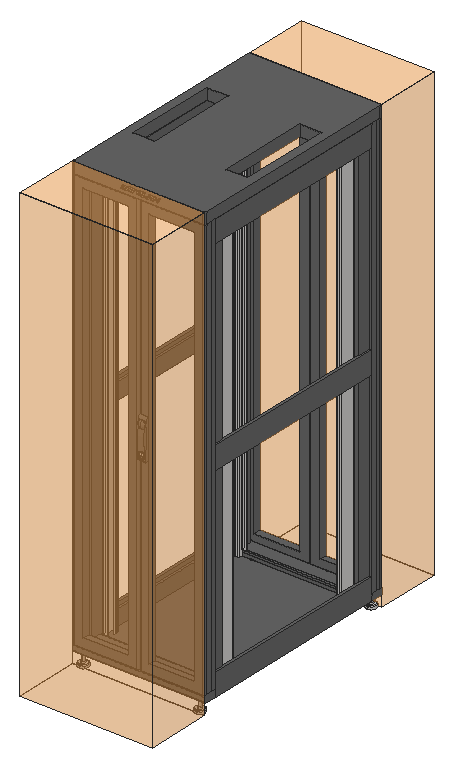
Revit family "Eurolan_Шкафы Rackcenter D9000", category Электрооборудование, Revit 2019 (continued)
Definition of nested family "in_Дверь_перфорированная_двойная"
  Definition of nested family "in_Дверь_Соты_600"
    Lines and regions (mm)
      model lines, visible <- "соты_600_1уровень"
        curve 23: line (-35, -300, 27.99) -> (-35, -300, 19.33)
        curve 24: line (-42.5, -300, 15) -> (-35, -300, 19.33)
        curve 25: line (-58.5, -300, 32.32) -> (-66, -300, 27.99)
        curve 26: line (-66, -300, 27.99) -> (-66, -300, 19.33)
        curve 27: line (-58.5, -300, 15) -> (-66, -300, 19.33)
        curve 28: line (-58.5, -300, 32.32) -> (-51.5, -300, 28.279)
        curve 29: line (-51, -300, 29.145) -> (-51, -300, 19.33)
        curve 30: line (-58.5, -300, 15) -> (-51, -300, 19.33)
        curve 31: line (-74.5, -300, 32.32) -> (-82, -300, 27.99)
        curve 32: line (-82, -300, 27.99) -> (-82, -300, 19.33)
        curve 33: line (-74.5, -300, 15) -> (-82, -300, 19.33)
        curve 34: line (-74.5, -300, 32.32) -> (-67.5, -300, 28.279)
        curve 35: line (-67, -300, 29.145) -> (-67, -300, 19.33)
        curve 36: line (-74.5, -300, 15) -> (-67, -300, 19.33)
        curve 37: line (-90.5, -300, 32.32) -> (-98, -300, 27.99)
        curve 38: line (-98, -300, 27.99) -> (-98, -300, 19.908)
        curve 39: line (-90.5, -300, 15) -> (-99, -300, 19.908)
        curve 40: line (-90.5, -300, 32.32) -> (-83.5, -300, 28.279)
        curve 41: line (-83, -300, 29.145) -> (-83, -300, 19.33)
        curve 42: line (-90.5, -300, 15) -> (-83, -300, 19.33)
        curve 43: line (-106.5, -300, 32.32) -> (-113.499, -300, 28.279)
        curve 44: line (-114, -300, 29.145) -> (-114, -300, 19.33)
        curve 45: line (-106.5, -300, 15) -> (-114, -300, 19.33)
        curve 46: line (-106.5, -300, 32.32) -> (-99.5, -300, 28.279)
        curve 47: line (-99, -300, 29.145) -> (-99, -300, 19.908)
        curve 48: line (-106.5, -300, 15) -> (-98, -300, 19.908)
        curve 49: line (-122.5, -300, 32.32) -> (-130, -300, 27.99)
        curve 50: line (-130, -300, 27.99) -> (-130, -300, 19.33)
        curve 51: line (-122.5, -300, 15) -> (-130, -300, 19.33)
        curve 52: line (-122.5, -300, 32.32) -> (-115, -300, 27.99)
        curve 53: line (-115, -300, 27.99) -> (-115, -300, 19.33)
        curve 54: line (-122.5, -300, 15) -> (-115, -300, 19.33)
        curve 55: line (-138.5, -300, 32.32) -> (-146, -300, 27.99)
        curve 56: line (-146, -300, 27.99) -> (-146, -300, 19.908)
        curve 57: line (-138.5, -300, 15) -> (-147, -300, 19.908)
        curve 58: line (-138.5, -300, 32.32) -> (-131.5, -300, 28.279)
        curve 59: line (-131, -300, 29.145) -> (-131, -300, 19.33)
        curve 60: line (-138.5, -300, 15) -> (-131, -300, 19.33)
        curve 61: line (-154.5, -300, 32.32) -> (-161.499, -300, 28.279)
        curve 62: line (-162, -300, 29.145) -> (-162, -300, 19.908)
        curve 63: line (-154.5, -300, 15) -> (-163, -300, 19.908)
        curve 64: line (-154.5, -300, 32.32) -> (-147.5, -300, 28.279)
        curve 65: line (-147, -300, 29.145) -> (-147, -300, 19.908)
        curve 66: line (-154.5, -300, 15) -> (-146, -300, 19.908)
        curve 67: line (-170.5, -300, 32.32) -> (-177.499, -300, 28.279)
        curve 68: line (-178, -300, 29.145) -> (-178, -300, 19.908)
        curve 69: line (-170.5, -300, 15) -> (-179, -300, 19.908)
        curve 70: line (-170.5, -300, 32.32) -> (-163, -300, 27.99)
        curve 71: line (-163, -300, 27.99) -> (-163, -300, 19.908)
        curve 72: line (-170.5, -300, 15) -> (-162, -300, 19.908)
        curve 73: line (-186.5, -300, 32.32) -> (-193.499, -300, 28.279)
        curve 74: line (-194, -300, 29.145) -> (-194, -300, 19.908)
        curve 75: line (-186.5, -300, 15) -> (-195, -300, 19.908)
        curve 76: line (-186.5, -300, 32.32) -> (-179, -300, 27.99)
        curve 77: line (-179, -300, 27.99) -> (-179, -300, 19.908)
        curve 78: line (-186.5, -300, 15) -> (-178, -300, 19.908)
        curve 79: line (-202.5, -300, 32.32) -> (-209.499, -300, 28.279)
        curve 80: line (-210, -300, 29.145) -> (-210, -300, 19.908)
        curve 81: line (-202.5, -300, 15) -> (-211, -300, 19.908)
        curve 82: line (-202.5, -300, 32.32) -> (-195, -300, 27.99)
        curve 83: line (-195, -300, 27.99) -> (-195, -300, 19.908)
        curve 84: line (-202.5, -300, 15) -> (-194, -300, 19.908)
        curve 85: line (-218.5, -300, 32.32) -> (-226, -300, 27.99)
        curve 86: line (-226, -300, 27.99) -> (-226, -300, 19.33)
        curve 87: line (-218.5, -300, 15) -> (-226, -300, 19.33)
        curve 88: line (-218.5, -300, 32.32) -> (-211, -300, 27.99)
        curve 89: line (-211, -300, 27.99) -> (-211, -300, 19.908)
        curve 90: line (-218.5, -300, 15) -> (-210, -300, 19.908)
        curve 247: line (-58.5, -335, 32.32) -> (-66, -335, 27.99)
        curve 248: line (-66, -335, 27.99) -> (-66, -335, 19.33)
        curve 249: line (-58.5, -335, 15) -> (-66, -335, 19.33)
        curve 250: line (-58.5, -335, 32.32) -> (-51, -335, 27.99)
        curve 251: line (-51, -335, 27.99) -> (-51, -335, 19.33)
        curve 252: line (-58.5, -335, 15) -> (-51, -335, 19.33)
        curve 253: line (-74.5, -335, 32.32) -> (-82, -335, 27.99)
        curve 254: line (-82, -335, 27.99) -> (-82, -335, 19.33)
        curve 255: line (-74.5, -335, 15) -> (-82, -335, 19.33)
        curve 256: line (-74.5, -335, 32.32) -> (-67, -335, 27.99)
        curve 257: line (-67, -335, 27.99) -> (-67, -335, 19.33)
        curve 258: line (-74.5, -335, 15) -> (-67, -335, 19.33)
        curve 259: line (-90.5, -335, 32.32) -> (-98, -335, 27.99)
        curve 260: line (-98, -335, 27.99) -> (-98, -335, 19.33)
        curve 261: line (-90.5, -335, 15) -> (-98, -335, 19.33)
        curve 262: line (-90.5, -335, 32.32) -> (-83, -335, 27.99)
        curve 263: line (-83, -335, 27.99) -> (-83, -335, 19.33)
        curve 264: line (-90.5, -335, 15) -> (-83, -335, 19.33)
        curve 265: line (-106.5, -335, 32.32) -> (-114, -335, 27.99)
        curve 266: line (-114, -335, 27.99) -> (-114, -335, 19.33)
        curve 267: line (-106.5, -335, 15) -> (-114, -335, 19.33)
        curve 268: line (-106.5, -335, 32.32) -> (-99, -335, 27.99)
        curve 269: line (-99, -335, 27.99) -> (-99, -335, 19.33)
        curve 270: line (-106.5, -335, 15) -> (-99, -335, 19.33)
        curve 271: line (-122.5, -335, 32.32) -> (-130, -335, 27.99)
        curve 272: line (-130, -335, 27.99) -> (-130, -335, 19.33)
        curve 273: line (-122.5, -335, 15) -> (-130, -335, 19.33)
        curve 274: line (-122.5, -335, 32.32) -> (-115, -335, 27.99)
        curve 275: line (-115, -335, 27.99) -> (-115, -335, 19.33)
        curve 276: line (-122.5, -335, 15) -> (-115, -335, 19.33)
        curve 277: line (-138.5, -335, 32.32) -> (-146, -335, 27.99)
        curve 278: line (-146, -335, 27.99) -> (-146, -335, 19.33)
        curve 279: line (-138.5, -335, 15) -> (-146, -335, 19.33)
        curve 280: line (-138.5, -335, 32.32) -> (-131, -335, 27.99)
        curve 281: line (-131, -335, 27.99) -> (-131, -335, 19.33)
        curve 282: line (-138.5, -335, 15) -> (-131, -335, 19.33)
        curve 283: line (-154.5, -335, 32.32) -> (-162, -335, 27.99)
        curve 284: line (-162, -335, 27.99) -> (-162, -335, 19.33)
        curve 285: line (-154.5, -335, 15) -> (-162, -335, 19.33)
        curve 286: line (-154.5, -335, 32.32) -> (-147, -335, 27.99)
        curve 287: line (-147, -335, 27.99) -> (-147, -335, 19.33)
        curve 288: line (-154.5, -335, 15) -> (-147, -335, 19.33)
        curve 289: line (-170.5, -335, 32.32) -> (-178, -335, 27.99)
        curve 290: line (-178, -335, 27.99) -> (-178, -335, 19.33)
        curve 291: line (-170.5, -335, 15) -> (-178, -335, 19.33)
        curve 292: line (-170.5, -335, 32.32) -> (-163, -335, 27.99)
        curve 293: line (-163, -335, 27.99) -> (-163, -335, 19.33)
        curve 294: line (-170.5, -335, 15) -> (-163, -335, 19.33)
        curve 295: line (-186.5, -335, 32.32) -> (-194, -335, 27.99)
        curve 296: line (-194, -335, 27.99) -> (-194, -335, 19.33)
        curve 297: line (-186.5, -335, 15) -> (-194, -335, 19.33)
        curve 298: line (-186.5, -335, 32.32) -> (-179, -335, 27.99)
        curve 299: line (-179, -335, 27.99) -> (-179, -335, 19.33)
        curve 300: line (-186.5, -335, 15) -> (-179, -335, 19.33)
        curve 301: line (-202.5, -335, 32.32) -> (-210, -335, 27.99)
        curve 302: line (-210, -335, 27.99) -> (-210, -335, 19.33)
        curve 303: line (-202.5, -335, 15) -> (-210, -335, 19.33)
        curve 304: line (-202.5, -335, 32.32) -> (-195, -335, 27.99)
        curve 305: line (-195, -335, 27.99) -> (-195, -335, 19.33)
        curve 306: line (-202.5, -335, 15) -> (-195, -335, 19.33)
        curve 307: line (-218.5, -335, 32.32) -> (-226, -335, 27.99)
        curve 308: line (-226, -335, 27.99) -> (-226, -335, 19.33)
        curve 309: line (-218.5, -335, 15) -> (-226, -335, 19.33)
        curve 310: line (-218.5, -335, 32.32) -> (-211, -335, 27.99)
        curve 311: line (-211, -335, 27.99) -> (-211, -335, 19.33)
        curve 312: line (-218.5, -335, 15) -> (-211, -335, 19.33)
        curve 439: line (-234.5, -335, 32.32) -> (-242, -335, 27.99)
        curve 440: line (-242, -335, 27.99) -> (-242, -335, 19.33)
        curve 441: line (-234.5, -335, 15) -> (-242, -335, 19.33)
        curve 442: line (-234.5, -335, 32.32) -> (-227, -335, 27.99)
        curve 443: line (-227, -335, 27.99) -> (-227, -335, 19.33)
        curve 444: line (-234.5, -335, 15) -> (-227, -335, 19.33)
        curve 469: line (-250.5, -335, 32.32) -> (-258, -335, 27.99)
        curve 470: line (-258, -335, 27.99) -> (-258, -335, 19.33)
        curve 471: line (-250.5, -335, 15) -> (-258, -335, 19.33)
        curve 472: line (-250.5, -335, 32.32) -> (-243, -335, 27.99)
        curve 473: line (-243, -335, 27.99) -> (-243, -335, 19.33)
        curve 474: line (-250.5, -335, 15) -> (-243, -335, 19.33)
        curve 475: line (-54, -400, 17.32) -> (-61.5, -400, 12.99)
        curve 476: line (-61.5, -400, 12.99) -> (-61.5, -400, 4.33)
        curve 477: line (-54, -400, 0) -> (-61.5, -400, 4.33)
        curve 478: line (-54, -400, 17.32) -> (-46.5, -400, 12.99)
        curve 479: line (-46.5, -400, 12.99) -> (-46.5, -400, 4.33)
        curve 480: line (-54, -400, 0) -> (-46.5, -400, 4.33)
        curve 481: line (-70, -400, 17.32) -> (-77.5, -400, 12.99)
        curve 482: line (-77.5, -400, 12.99) -> (-77.5, -400, 4.33)
        curve 483: line (-70, -400, 0) -> (-77.5, -400, 4.33)
        curve 484: line (-70, -400, 17.32) -> (-62.5, -400, 12.99)
        curve 485: line (-62.5, -400, 12.99) -> (-62.5, -400, 4.33)
        curve 486: line (-70, -400, 0) -> (-62.5, -400, 4.33)
        curve 487: line (-86, -400, 17.32) -> (-93.5, -400, 12.99)
        curve 488: line (-93.5, -400, 12.99) -> (-93.5, -400, 4.33)
        curve 489: line (-86, -400, 0) -> (-93.5, -400, 4.33)
        curve 490: line (-86, -400, 17.32) -> (-78.5, -400, 12.99)
        curve 491: line (-78.5, -400, 12.99) -> (-78.5, -400, 4.33)
        curve 492: line (-86, -400, 0) -> (-78.5, -400, 4.33)
        curve 493: line (-102, -400, 17.32) -> (-109.5, -400, 12.99)
        curve 494: line (-109.5, -400, 12.99) -> (-109.5, -400, 4.33)
        curve 495: line (-102, -400, 0) -> (-109.5, -400, 4.33)
        curve 496: line (-102, -400, 17.32) -> (-94.5, -400, 12.99)
        curve 497: line (-94.5, -400, 12.99) -> (-94.5, -400, 4.33)
        curve 498: line (-102, -400, 0) -> (-94.5, -400, 4.33)
        curve 499: line (-118, -400, 17.32) -> (-125.5, -400, 12.99)
        curve 500: line (-125.5, -400, 12.99) -> (-125.5, -400, 4.33)
        curve 501: line (-118, -400, 0) -> (-125.5, -400, 4.33)
        curve 502: line (-118, -400, 17.32) -> (-110.5, -400, 12.99)
        curve 503: line (-110.5, -400, 12.99) -> (-110.5, -400, 4.33)
        curve 504: line (-118, -400, 0) -> (-110.5, -400, 4.33)
        curve 505: line (-134, -400, 17.32) -> (-141.5, -400, 12.99)
        curve 506: line (-141.5, -400, 12.99) -> (-141.5, -400, 4.33)
        curve 507: line (-134, -400, 0) -> (-141.5, -400, 4.33)
        curve 508: line (-134, -400, 17.32) -> (-126.5, -400, 12.99)
        curve 509: line (-126.5, -400, 12.99) -> (-126.5, -400, 4.33)
        curve 510: line (-134, -400, 0) -> (-126.5, -400, 4.33)
        curve 511: line (-150, -400, 17.32) -> (-157.5, -400, 12.99)
        curve 512: line (-157.5, -400, 12.99) -> (-157.5, -400, 4.33)
        curve 513: line (-150, -400, 0) -> (-157.5, -400, 4.33)
        curve 514: line (-150, -400, 17.32) -> (-142.5, -400, 12.99)
        curve 515: line (-142.5, -400, 12.99) -> (-142.5, -400, 4.33)
        curve 516: line (-150, -400, 0) -> (-142.5, -400, 4.33)
        curve 517: line (-166, -400, 17.32) -> (-173.5, -400, 12.99)
        curve 518: line (-173.5, -400, 12.99) -> (-173.5, -400, 4.33)
        curve 519: line (-166, -400, 0) -> (-173.5, -400, 4.33)
        curve 520: line (-166, -400, 17.32) -> (-158.5, -400, 12.99)
        curve 521: line (-158.5, -400, 12.99) -> (-158.5, -400, 4.33)
        curve 522: line (-166, -400, 0) -> (-158.5, -400, 4.33)
        curve 523: line (-182, -400, 17.32) -> (-189.5, -400, 12.99)
        curve 524: line (-189.5, -400, 12.99) -> (-189.5, -400, 4.33)
        curve 525: line (-182, -400, 0) -> (-189.5, -400, 4.33)
        curve 526: line (-182, -400, 17.32) -> (-174.5, -400, 12.99)
        curve 527: line (-174.5, -400, 12.99) -> (-174.5, -400, 4.33)
        curve 528: line (-182, -400, 0) -> (-174.5, -400, 4.33)
        curve 529: line (-198, -400, 17.32) -> (-205.5, -400, 12.99)
        curve 530: line (-205.5, -400, 12.99) -> (-205.5, -400, 4.33)
        curve 531: line (-198, -400, 0) -> (-205.5, -400, 4.33)
        curve 532: line (-198, -400, 17.32) -> (-190.5, -400, 12.99)
        curve 533: line (-190.5, -400, 12.99) -> (-190.5, -400, 4.33)
        curve 534: line (-198, -400, 0) -> (-190.5, -400, 4.33)
        curve 535: line (-214, -400, 17.32) -> (-221.5, -400, 12.99)
        curve 536: line (-221.5, -400, 12.99) -> (-221.5, -400, 4.33)
        curve 537: line (-214, -400, 0) -> (-221.5, -400, 4.33)
        curve 538: line (-214, -400, 17.32) -> (-206.5, -400, 12.99)
        curve 539: line (-206.5, -400, 12.99) -> (-206.5, -400, 4.33)
        curve 540: line (-214, -400, 0) -> (-206.5, -400, 4.33)
        curve 667: line (-230, -400, 17.32) -> (-237.5, -400, 12.99)
        curve 668: line (-237.5, -400, 12.99) -> (-237.5, -400, 4.33)
        curve 669: line (-230, -400, 0) -> (-237.5, -400, 4.33)
        curve 670: line (-230, -400, 17.32) -> (-222.5, -400, 12.99)
        curve 671: line (-222.5, -400, 12.99) -> (-222.5, -400, 4.33)
        curve 672: line (-230, -400, 0) -> (-222.5, -400, 4.33)
        curve 697: line (-246, -400, 17.32) -> (-253.5, -400, 12.99)
        curve 698: line (-253.5, -400, 12.99) -> (-253.5, -400, 4.33)
        curve 699: line (-246, -400, 0) -> (-253.5, -400, 4.33)
        curve 700: line (-246, -400, 17.32) -> (-238.5, -400, 12.99)
        curve 701: line (-238.5, -400, 12.99) -> (-238.5, -400, 4.33)
        curve 702: line (-246, -400, 0) -> (-238.5, -400, 4.33)
      model lines, visible <- "соты_600_массив"
        curve 13: line (-18.5, -300, 46.176) -> (-26, -300, 41.846)
        curve 14: line (-26, -300, 41.846) -> (-26, -300, 33.186)
        curve 15: line (-18.5, -300, 28.856) -> (-26, -300, 33.186)
        curve 16: line (-18.5, -300, 46.176) -> (-11, -300, 41.846)
        curve 17: line (-11, -300, 41.846) -> (-11, -300, 33.186)
        curve 18: line (-18.5, -300, 28.856) -> (-11, -300, 33.186)
        curve 91: line (-10.5, -300, 60.033) -> (-18, -300, 55.703)
        curve 92: line (-18, -300, 55.703) -> (-18, -300, 47.043)
        curve 93: line (-10.5, -300, 42.713) -> (-18, -300, 47.043)
        curve 94: line (-10.5, -300, 60.033) -> (-3, -300, 55.703)
        curve 95: line (-3, -300, 55.703) -> (-3, -300, 47.043)
        curve 96: line (-10.5, -300, 42.713) -> (-3, -300, 47.043)
        curve 97: line (-34.5, -300, 46.176) -> (-42, -300, 41.846)
        curve 98: line (-42, -300, 41.846) -> (-42, -300, 33.186)
        curve 99: line (-34.5, -300, 28.856) -> (-42, -300, 33.186)
        curve 100: line (-34.5, -300, 46.176) -> (-27, -300, 41.846)
        curve 101: line (-27, -300, 41.846) -> (-27, -300, 33.186)
        curve 102: line (-34.5, -300, 28.856) -> (-27, -300, 33.186)
        curve 103: line (-26.5, -300, 60.033) -> (-34, -300, 55.703)
        curve 104: line (-34, -300, 55.703) -> (-34, -300, 47.043)
        curve 105: line (-26.5, -300, 42.713) -> (-34, -300, 47.043)
        curve 106: line (-26.5, -300, 60.033) -> (-19, -300, 55.703)
        curve 107: line (-19, -300, 55.703) -> (-19, -300, 47.043)
        curve 108: line (-26.5, -300, 42.713) -> (-19, -300, 47.043)
        curve 109: line (-50.5, -300, 46.176) -> (-58, -300, 41.846)
        curve 110: line (-58, -300, 41.846) -> (-58, -300, 33.186)
        curve 111: line (-51, -300, 29.145) -> (-58, -300, 33.186)
        curve 112: line (-50.5, -300, 46.176) -> (-43, -300, 41.846)
        curve 113: line (-43, -300, 41.846) -> (-43, -300, 33.186)
        curve 114: line (-51.5, -300, 28.279) -> (-43, -300, 33.186)
        curve 115: line (-42.5, -300, 60.033) -> (-50, -300, 55.703)
        curve 116: line (-50, -300, 55.703) -> (-50, -300, 47.043)
        curve 117: line (-42.5, -300, 42.713) -> (-50, -300, 47.043)
        curve 118: line (-42.5, -300, 60.033) -> (-35, -300, 55.703)
        curve 119: line (-35, -300, 55.703) -> (-35, -300, 47.043)
        curve 120: line (-42.5, -300, 42.713) -> (-35, -300, 47.043)
        curve 121: line (-66.5, -300, 46.176) -> (-74, -300, 41.846)
        curve 122: line (-74, -300, 41.846) -> (-74, -300, 33.186)
        curve 123: line (-67, -300, 29.145) -> (-74, -300, 33.186)
        curve 124: line (-66.5, -300, 46.176) -> (-59, -300, 41.846)
        curve 125: line (-59, -300, 41.846) -> (-59, -300, 33.186)
        curve 126: line (-67.5, -300, 28.279) -> (-59, -300, 33.186)
        curve 127: line (-58.5, -300, 60.033) -> (-66, -300, 55.703)
        curve 128: line (-66, -300, 55.703) -> (-66, -300, 47.043)
        curve 129: line (-58.5, -300, 42.713) -> (-66, -300, 47.043)
        curve 130: line (-58.5, -300, 60.033) -> (-51, -300, 55.703)
        curve 131: line (-51, -300, 55.703) -> (-51, -300, 47.043)
        curve 132: line (-58.5, -300, 42.713) -> (-51, -300, 47.043)
        curve 133: line (-82.5, -300, 46.176) -> (-90, -300, 41.846)
        curve 134: line (-90, -300, 41.846) -> (-90, -300, 33.186)
        curve 135: line (-83, -300, 29.145) -> (-90, -300, 33.186)
        curve 136: line (-82.5, -300, 46.176) -> (-75, -300, 41.846)
        curve 137: line (-75, -300, 41.846) -> (-75, -300, 33.186)
        curve 138: line (-83.5, -300, 28.279) -> (-75, -300, 33.186)
        curve 139: line (-74.5, -300, 60.033) -> (-82, -300, 55.703)
        curve 140: line (-82, -300, 55.703) -> (-82, -300, 47.043)
        curve 141: line (-74.5, -300, 42.713) -> (-82, -300, 47.043)
        curve 142: line (-74.5, -300, 60.033) -> (-67, -300, 55.703)
        curve 143: line (-67, -300, 55.703) -> (-67, -300, 47.043)
        curve 144: line (-74.5, -300, 42.713) -> (-67, -300, 47.043)
        curve 145: line (-98.5, -300, 46.176) -> (-106, -300, 41.846)
        curve 146: line (-106, -300, 41.846) -> (-106, -300, 33.186)
        curve 147: line (-99, -300, 29.145) -> (-106, -300, 33.186)
        curve 148: line (-98.5, -300, 46.176) -> (-91, -300, 41.846)
        curve 149: line (-91, -300, 41.846) -> (-91, -300, 33.186)
        curve 150: line (-99.5, -300, 28.279) -> (-91, -300, 33.186)
        curve 151: line (-90.5, -300, 60.033) -> (-98, -300, 55.703)
        curve 152: line (-98, -300, 55.703) -> (-98, -300, 47.043)
        curve 153: line (-90.5, -300, 42.713) -> (-98, -300, 47.043)
        curve 154: line (-90.5, -300, 60.033) -> (-83, -300, 55.703)
        curve 155: line (-83, -300, 55.703) -> (-83, -300, 47.043)
        curve 156: line (-90.5, -300, 42.713) -> (-83, -300, 47.043)
        curve 157: line (-114.5, -300, 46.176) -> (-122, -300, 41.846)
        curve 158: line (-122, -300, 41.846) -> (-122, -300, 33.186)
        curve 159: line (-113.499, -300, 28.279) -> (-122, -300, 33.186)
        curve 160: line (-114.5, -300, 46.176) -> (-107, -300, 41.846)
        curve 161: line (-107, -300, 41.846) -> (-107, -300, 33.186)
        curve 162: line (-114, -300, 29.145) -> (-107, -300, 33.186)
        curve 163: line (-106.5, -300, 60.033) -> (-114, -300, 55.703)
        curve 164: line (-114, -300, 55.703) -> (-114, -300, 47.043)
        curve 165: line (-106.5, -300, 42.713) -> (-114, -300, 47.043)
        curve 166: line (-106.5, -300, 60.033) -> (-99, -300, 55.703)
        curve 167: line (-99, -300, 55.703) -> (-99, -300, 47.043)
        curve 168: line (-106.5, -300, 42.713) -> (-99, -300, 47.043)
        curve 169: line (-130.5, -300, 46.176) -> (-138, -300, 41.846)
        curve 170: line (-138, -300, 41.846) -> (-138, -300, 33.186)
        curve 171: line (-131, -300, 29.145) -> (-138, -300, 33.186)
        curve 172: line (-130.5, -300, 46.176) -> (-123, -300, 41.846)
        curve 173: line (-123, -300, 41.846) -> (-123, -300, 33.186)
        curve 174: line (-131.5, -300, 28.279) -> (-123, -300, 33.186)
        curve 175: line (-122.5, -300, 60.033) -> (-130, -300, 55.703)
        curve 176: line (-130, -300, 55.703) -> (-130, -300, 47.043)
        curve 177: line (-122.5, -300, 42.713) -> (-130, -300, 47.043)
        curve 178: line (-122.5, -300, 60.033) -> (-115, -300, 55.703)
        curve 179: line (-115, -300, 55.703) -> (-115, -300, 47.043)
        curve 180: line (-122.5, -300, 42.713) -> (-115, -300, 47.043)
        curve 181: line (-146.5, -300, 46.176) -> (-154, -300, 41.846)
        curve 182: line (-154, -300, 41.846) -> (-154, -300, 33.764)
        curve 183: line (-147, -300, 29.145) -> (-155, -300, 33.764)
        curve 184: line (-146.5, -300, 46.176) -> (-139, -300, 41.846)
        curve 185: line (-139, -300, 41.846) -> (-139, -300, 33.186)
        curve 186: line (-147.5, -300, 28.279) -> (-139, -300, 33.186)
        curve 187: line (-138.5, -300, 60.033) -> (-146, -300, 55.703)
        curve 188: line (-146, -300, 55.703) -> (-146, -300, 47.043)
        curve 189: line (-138.5, -300, 42.713) -> (-146, -300, 47.043)
        curve 190: line (-138.5, -300, 60.033) -> (-131, -300, 55.703)
        curve 191: line (-131, -300, 55.703) -> (-131, -300, 47.043)
        curve 192: line (-138.5, -300, 42.713) -> (-131, -300, 47.043)
        curve 193: line (-162.5, -300, 46.176) -> (-170, -300, 41.846)
        curve 194: line (-170, -300, 41.846) -> (-170, -300, 33.186)
        curve 195: line (-161.499, -300, 28.279) -> (-170, -300, 33.186)
        curve 196: line (-162.5, -300, 46.176) -> (-155, -300, 41.846)
        curve 197: line (-155, -300, 41.846) -> (-155, -300, 33.764)
        curve 198: line (-162, -300, 29.145) -> (-154, -300, 33.764)
        curve 199: line (-154.5, -300, 60.033) -> (-162, -300, 55.703)
        curve 200: line (-162, -300, 55.703) -> (-162, -300, 47.62)
        curve 201: line (-154.5, -300, 42.713) -> (-163, -300, 47.62)
        curve 202: line (-154.5, -300, 60.033) -> (-147, -300, 55.703)
        curve 203: line (-147, -300, 55.703) -> (-147, -300, 47.043)
        curve 204: line (-154.5, -300, 42.713) -> (-147, -300, 47.043)
        curve 205: line (-178.5, -300, 46.176) -> (-186, -300, 41.846)
        curve 206: line (-186, -300, 41.846) -> (-186, -300, 33.764)
        curve 207: line (-177.499, -300, 28.279) -> (-187, -300, 33.764)
        curve 208: line (-178.5, -300, 46.176) -> (-171, -300, 41.846)
        curve 209: line (-171, -300, 41.846) -> (-171, -300, 33.186)
        curve 210: line (-178, -300, 29.145) -> (-171, -300, 33.186)
        curve 211: line (-170.5, -300, 60.033) -> (-178, -300, 55.703)
        curve 212: line (-178, -300, 55.703) -> (-178, -300, 47.043)
        curve 213: line (-170.5, -300, 42.713) -> (-178, -300, 47.043)
        curve 214: line (-170.5, -300, 60.033) -> (-163, -300, 55.703)
        curve 215: line (-163, -300, 55.703) -> (-163, -300, 47.62)
        curve 216: line (-170.5, -300, 42.713) -> (-162, -300, 47.62)
        curve 217: line (-194.5, -300, 46.176) -> (-202, -300, 41.846)
        curve 218: line (-202, -300, 41.846) -> (-202, -300, 33.186)
        curve 219: line (-193.499, -300, 28.279) -> (-202, -300, 33.186)
        curve 220: line (-194.5, -300, 46.176) -> (-187, -300, 41.846)
        curve 221: line (-187, -300, 41.846) -> (-187, -300, 33.764)
        curve 222: line (-194, -300, 29.145) -> (-186, -300, 33.764)
        curve 223: line (-186.5, -300, 60.033) -> (-194, -300, 55.703)
        curve 224: line (-194, -300, 55.703) -> (-194, -300, 47.62)
        curve 225: line (-186.5, -300, 42.713) -> (-195, -300, 47.62)
        curve 226: line (-186.5, -300, 60.033) -> (-179, -300, 55.703)
        curve 227: line (-179, -300, 55.703) -> (-179, -300, 47.043)
        curve 228: line (-186.5, -300, 42.713) -> (-179, -300, 47.043)
        curve 229: line (-210.5, -300, 46.176) -> (-218, -300, 41.846)
        curve 230: line (-218, -300, 41.846) -> (-218, -300, 33.186)
        curve 231: line (-209.499, -300, 28.279) -> (-218, -300, 33.186)
        curve 232: line (-210.5, -300, 46.176) -> (-203, -300, 41.846)
        curve 233: line (-203, -300, 41.846) -> (-203, -300, 33.186)
        curve 234: line (-210, -300, 29.145) -> (-203, -300, 33.186)
        curve 235: line (-202.5, -300, 60.033) -> (-210, -300, 55.703)
        curve 236: line (-210, -300, 55.703) -> (-210, -300, 47.62)
        curve 237: line (-202.5, -300, 42.713) -> (-211, -300, 47.62)
        curve 238: line (-202.5, -300, 60.033) -> (-195, -300, 55.703)
        curve 239: line (-195, -300, 55.703) -> (-195, -300, 47.62)
        curve 240: line (-202.5, -300, 42.713) -> (-194, -300, 47.62)
        curve 241: line (-218.5, -300, 60.033) -> (-226, -300, 55.703)
        curve 242: line (-226, -300, 55.703) -> (-226, -300, 47.043)
        curve 243: line (-218.5, -300, 42.713) -> (-226, -300, 47.043)
        curve 244: line (-218.5, -300, 60.033) -> (-211, -300, 55.703)
        curve 245: line (-211, -300, 55.703) -> (-211, -300, 47.62)
        curve 246: line (-218.5, -300, 42.713) -> (-210, -300, 47.62)
        curve 313: line (-66.5, -335, 46.176) -> (-74, -335, 41.846)
        curve 314: line (-74, -335, 41.846) -> (-74, -335, 33.186)
        curve 315: line (-66.5, -335, 28.856) -> (-74, -335, 33.186)
        curve 316: line (-66.5, -335, 46.176) -> (-59, -335, 41.846)
        curve 317: line (-59, -335, 41.846) -> (-59, -335, 33.186)
        curve 318: line (-66.5, -335, 28.856) -> (-59, -335, 33.186)
        curve 319: line (-58.5, -335, 60.033) -> (-66, -335, 55.703)
        curve 320: line (-66, -335, 55.703) -> (-66, -335, 47.043)
        curve 321: line (-58.5, -335, 42.713) -> (-66, -335, 47.043)
        curve 322: line (-58.5, -335, 60.033) -> (-51, -335, 55.703)
        curve 323: line (-51, -335, 55.703) -> (-51, -335, 47.043)
        curve 324: line (-58.5, -335, 42.713) -> (-51, -335, 47.043)
        curve 325: line (-82.5, -335, 46.176) -> (-90, -335, 41.846)
        curve 326: line (-90, -335, 41.846) -> (-90, -335, 33.186)
        curve 327: line (-82.5, -335, 28.856) -> (-90, -335, 33.186)
        curve 328: line (-82.5, -335, 46.176) -> (-75, -335, 41.846)
        curve 329: line (-75, -335, 41.846) -> (-75, -335, 33.186)
        curve 330: line (-82.5, -335, 28.856) -> (-75, -335, 33.186)
        curve 331: line (-74.5, -335, 60.033) -> (-82, -335, 55.703)
        curve 332: line (-82, -335, 55.703) -> (-82, -335, 47.043)
        curve 333: line (-74.5, -335, 42.713) -> (-82, -335, 47.043)
        curve 334: line (-74.5, -335, 60.033) -> (-67, -335, 55.703)
        curve 335: line (-67, -335, 55.703) -> (-67, -335, 47.043)
        curve 336: line (-74.5, -335, 42.713) -> (-67, -335, 47.043)
        curve 337: line (-98.5, -335, 46.176) -> (-106, -335, 41.846)
        curve 338: line (-106, -335, 41.846) -> (-106, -335, 33.186)
        curve 339: line (-98.5, -335, 28.856) -> (-106, -335, 33.186)
        curve 340: line (-98.5, -335, 46.176) -> (-91, -335, 41.846)
        curve 341: line (-91, -335, 41.846) -> (-91, -335, 33.186)
        curve 342: line (-98.5, -335, 28.856) -> (-91, -335, 33.186)
        curve 343: line (-90.5, -335, 60.033) -> (-98, -335, 55.703)
        curve 344: line (-98, -335, 55.703) -> (-98, -335, 47.043)
        curve 345: line (-90.5, -335, 42.713) -> (-98, -335, 47.043)
        curve 346: line (-90.5, -335, 60.033) -> (-83, -335, 55.703)
        curve 347: line (-83, -335, 55.703) -> (-83, -335, 47.043)
        curve 348: line (-90.5, -335, 42.713) -> (-83, -335, 47.043)
        curve 349: line (-114.5, -335, 46.176) -> (-122, -335, 41.846)
        curve 350: line (-122, -335, 41.846) -> (-122, -335, 33.186)
        curve 351: line (-114.5, -335, 28.856) -> (-122, -335, 33.186)
        curve 352: line (-114.5, -335, 46.176) -> (-107, -335, 41.846)
        curve 353: line (-107, -335, 41.846) -> (-107, -335, 33.186)
        curve 354: line (-114.5, -335, 28.856) -> (-107, -335, 33.186)
        curve 355: line (-106.5, -335, 60.033) -> (-114, -335, 55.703)
        curve 356: line (-114, -335, 55.703) -> (-114, -335, 47.043)
        curve 357: line (-106.5, -335, 42.713) -> (-114, -335, 47.043)
        curve 358: line (-106.5, -335, 60.033) -> (-99, -335, 55.703)
        curve 359: line (-99, -335, 55.703) -> (-99, -335, 47.043)
        curve 360: line (-106.5, -335, 42.713) -> (-99, -335, 47.043)
        curve 361: line (-130.5, -335, 46.176) -> (-138, -335, 41.846)
        curve 362: line (-138, -335, 41.846) -> (-138, -335, 33.186)
        curve 363: line (-130.5, -335, 28.856) -> (-138, -335, 33.186)
        curve 364: line (-130.5, -335, 46.176) -> (-123, -335, 41.846)
        curve 365: line (-123, -335, 41.846) -> (-123, -335, 33.186)
        curve 366: line (-130.5, -335, 28.856) -> (-123, -335, 33.186)
        curve 367: line (-122.5, -335, 60.033) -> (-130, -335, 55.703)
        curve 368: line (-130, -335, 55.703) -> (-130, -335, 47.043)
        curve 369: line (-122.5, -335, 42.713) -> (-130, -335, 47.043)
        curve 370: line (-122.5, -335, 60.033) -> (-115, -335, 55.703)
        curve 371: line (-115, -335, 55.703) -> (-115, -335, 47.043)
        curve 372: line (-122.5, -335, 42.713) -> (-115, -335, 47.043)
        curve 373: line (-146.5, -335, 46.176) -> (-154, -335, 41.846)
        curve 374: line (-154, -335, 41.846) -> (-154, -335, 33.186)
        curve 375: line (-146.5, -335, 28.856) -> (-154, -335, 33.186)
        curve 376: line (-146.5, -335, 46.176) -> (-139, -335, 41.846)
        curve 377: line (-139, -335, 41.846) -> (-139, -335, 33.186)
        curve 378: line (-146.5, -335, 28.856) -> (-139, -335, 33.186)
        curve 379: line (-138.5, -335, 60.033) -> (-146, -335, 55.703)
        curve 380: line (-146, -335, 55.703) -> (-146, -335, 47.043)
        curve 381: line (-138.5, -335, 42.713) -> (-146, -335, 47.043)
        curve 382: line (-138.5, -335, 60.033) -> (-131, -335, 55.703)
        curve 383: line (-131, -335, 55.703) -> (-131, -335, 47.043)
        curve 384: line (-138.5, -335, 42.713) -> (-131, -335, 47.043)
        curve 385: line (-162.5, -335, 46.176) -> (-170, -335, 41.846)
        curve 386: line (-170, -335, 41.846) -> (-170, -335, 33.186)
        curve 387: line (-162.5, -335, 28.856) -> (-170, -335, 33.186)
        curve 388: line (-162.5, -335, 46.176) -> (-155, -335, 41.846)
        curve 389: line (-155, -335, 41.846) -> (-155, -335, 33.186)
        curve 390: line (-162.5, -335, 28.856) -> (-155, -335, 33.186)
        curve 391: line (-154.5, -335, 60.033) -> (-162, -335, 55.703)
        curve 392: line (-162, -335, 55.703) -> (-162, -335, 47.043)
        curve 393: line (-154.5, -335, 42.713) -> (-162, -335, 47.043)
        curve 394: line (-154.5, -335, 60.033) -> (-147, -335, 55.703)
        curve 395: line (-147, -335, 55.703) -> (-147, -335, 47.043)
        curve 396: line (-154.5, -335, 42.713) -> (-147, -335, 47.043)
        curve 397: line (-178.5, -335, 46.176) -> (-186, -335, 41.846)
        curve 398: line (-186, -335, 41.846) -> (-186, -335, 33.186)
        curve 399: line (-178.5, -335, 28.856) -> (-186, -335, 33.186)
        curve 400: line (-178.5, -335, 46.176) -> (-171, -335, 41.846)
        curve 401: line (-171, -335, 41.846) -> (-171, -335, 33.186)
        curve 402: line (-178.5, -335, 28.856) -> (-171, -335, 33.186)
        curve 403: line (-170.5, -335, 60.033) -> (-178, -335, 55.703)
        curve 404: line (-178, -335, 55.703) -> (-178, -335, 47.043)
        curve 405: line (-170.5, -335, 42.713) -> (-178, -335, 47.043)
        curve 406: line (-170.5, -335, 60.033) -> (-163, -335, 55.703)
        curve 407: line (-163, -335, 55.703) -> (-163, -335, 47.043)
        curve 408: line (-170.5, -335, 42.713) -> (-163, -335, 47.043)
        curve 409: line (-194.5, -335, 46.176) -> (-202, -335, 41.846)
        curve 410: line (-202, -335, 41.846) -> (-202, -335, 33.186)
        curve 411: line (-194.5, -335, 28.856) -> (-202, -335, 33.186)
        curve 412: line (-194.5, -335, 46.176) -> (-187, -335, 41.846)
        curve 413: line (-187, -335, 41.846) -> (-187, -335, 33.186)
        curve 414: line (-194.5, -335, 28.856) -> (-187, -335, 33.186)
        curve 415: line (-186.5, -335, 60.033) -> (-194, -335, 55.703)
        curve 416: line (-194, -335, 55.703) -> (-194, -335, 47.043)
        curve 417: line (-186.5, -335, 42.713) -> (-194, -335, 47.043)
        curve 418: line (-186.5, -335, 60.033) -> (-179, -335, 55.703)
        curve 419: line (-179, -335, 55.703) -> (-179, -335, 47.043)
        curve 420: line (-186.5, -335, 42.713) -> (-179, -335, 47.043)
        curve 421: line (-210.5, -335, 46.176) -> (-218, -335, 41.846)
        curve 422: line (-218, -335, 41.846) -> (-218, -335, 33.186)
        curve 423: line (-210.5, -335, 28.856) -> (-218, -335, 33.186)
        curve 424: line (-210.5, -335, 46.176) -> (-203, -335, 41.846)
        curve 425: line (-203, -335, 41.846) -> (-203, -335, 33.186)
        curve 426: line (-210.5, -335, 28.856) -> (-203, -335, 33.186)
        curve 427: line (-202.5, -335, 60.033) -> (-210, -335, 55.703)
        curve 428: line (-210, -335, 55.703) -> (-210, -335, 47.043)
        curve 429: line (-202.5, -335, 42.713) -> (-210, -335, 47.043)
        curve 430: line (-202.5, -335, 60.033) -> (-195, -335, 55.703)
        curve 431: line (-195, -335, 55.703) -> (-195, -335, 47.043)
        curve 432: line (-202.5, -335, 42.713) -> (-195, -335, 47.043)
        curve 433: line (-218.5, -335, 60.033) -> (-226, -335, 55.703)
        curve 434: line (-226, -335, 55.703) -> (-226, -335, 47.043)
        curve 435: line (-218.5, -335, 42.713) -> (-226, -335, 47.043)
        curve 436: line (-218.5, -335, 60.033) -> (-211, -335, 55.703)
        curve 437: line (-211, -335, 55.703) -> (-211, -335, 47.043)
        curve 438: line (-218.5, -335, 42.713) -> (-211, -335, 47.043)
        curve 445: line (-226.5, -335, 46.176) -> (-234, -335, 41.846)
        curve 446: line (-234, -335, 41.846) -> (-234, -335, 33.186)
        curve 447: line (-226.5, -335, 28.856) -> (-234, -335, 33.186)
        curve 448: line (-226.5, -335, 46.176) -> (-219, -335, 41.846)
        curve 449: line (-219, -335, 41.846) -> (-219, -335, 33.186)
        curve 450: line (-226.5, -335, 28.856) -> (-219, -335, 33.186)
        curve 451: line (-234.5, -335, 60.033) -> (-242, -335, 55.703)
        curve 452: line (-242, -335, 55.703) -> (-242, -335, 47.043)
        curve 453: line (-234.5, -335, 42.713) -> (-242, -335, 47.043)
        curve 454: line (-234.5, -335, 60.033) -> (-227, -335, 55.703)
        curve 455: line (-227, -335, 55.703) -> (-227, -335, 47.043)
        curve 456: line (-234.5, -335, 42.713) -> (-227, -335, 47.043)
        curve 457: line (-242.5, -335, 46.176) -> (-250, -335, 41.846)
        curve 458: line (-250, -335, 41.846) -> (-250, -335, 33.186)
        curve 459: line (-242.5, -335, 28.856) -> (-250, -335, 33.186)
        curve 460: line (-242.5, -335, 46.176) -> (-235, -335, 41.846)
        curve 461: line (-235, -335, 41.846) -> (-235, -335, 33.186)
        curve 462: line (-242.5, -335, 28.856) -> (-235, -335, 33.186)
        curve 463: line (-250.5, -335, 60.033) -> (-258, -335, 55.703)
        curve 464: line (-258, -335, 55.703) -> (-258, -335, 47.043)
        curve 465: line (-250.5, -335, 42.713) -> (-258, -335, 47.043)
        curve 466: line (-250.5, -335, 60.033) -> (-243, -335, 55.703)
        curve 467: line (-243, -335, 55.703) -> (-243, -335, 47.043)
        curve 468: line (-250.5, -335, 42.713) -> (-243, -335, 47.043)
        curve 541: line (-62, -400, 31.176) -> (-69.5, -400, 26.846)
        curve 542: line (-69.5, -400, 26.846) -> (-69.5, -400, 18.186)
        curve 543: line (-62, -400, 13.856) -> (-69.5, -400, 18.186)
        curve 544: line (-62, -400, 31.176) -> (-54.5, -400, 26.846)
        curve 545: line (-54.5, -400, 26.846) -> (-54.5, -400, 18.186)
        curve 546: line (-62, -400, 13.856) -> (-54.5, -400, 18.186)
        curve 547: line (-54, -400, 45.033) -> (-61.5, -400, 40.703)
        curve 548: line (-61.5, -400, 40.703) -> (-61.5, -400, 32.043)
        curve 549: line (-54, -400, 27.713) -> (-61.5, -400, 32.043)
        curve 550: line (-54, -400, 45.033) -> (-46.5, -400, 40.703)
        curve 551: line (-46.5, -400, 40.703) -> (-46.5, -400, 32.043)
        curve 552: line (-54, -400, 27.713) -> (-46.5, -400, 32.043)
        curve 553: line (-78, -400, 31.176) -> (-85.5, -400, 26.846)
        curve 554: line (-85.5, -400, 26.846) -> (-85.5, -400, 18.186)
        curve 555: line (-78, -400, 13.856) -> (-85.5, -400, 18.186)
        curve 556: line (-78, -400, 31.176) -> (-70.5, -400, 26.846)
        curve 557: line (-70.5, -400, 26.846) -> (-70.5, -400, 18.186)
        curve 558: line (-78, -400, 13.856) -> (-70.5, -400, 18.186)
        curve 559: line (-70, -400, 45.033) -> (-77.5, -400, 40.703)
        curve 560: line (-77.5, -400, 40.703) -> (-77.5, -400, 32.043)
        curve 561: line (-70, -400, 27.713) -> (-77.5, -400, 32.043)
        curve 562: line (-70, -400, 45.033) -> (-62.5, -400, 40.703)
        curve 563: line (-62.5, -400, 40.703) -> (-62.5, -400, 32.043)
        curve 564: line (-70, -400, 27.713) -> (-62.5, -400, 32.043)
        curve 565: line (-94, -400, 31.176) -> (-101.5, -400, 26.846)
        curve 566: line (-101.5, -400, 26.846) -> (-101.5, -400, 18.186)
        curve 567: line (-94, -400, 13.856) -> (-101.5, -400, 18.186)
        curve 568: line (-94, -400, 31.176) -> (-86.5, -400, 26.846)
        curve 569: line (-86.5, -400, 26.846) -> (-86.5, -400, 18.186)
        curve 570: line (-94, -400, 13.856) -> (-86.5, -400, 18.186)
        curve 571: line (-86, -400, 45.033) -> (-93.5, -400, 40.703)
        curve 572: line (-93.5, -400, 40.703) -> (-93.5, -400, 32.043)
        curve 573: line (-86, -400, 27.713) -> (-93.5, -400, 32.043)
        curve 574: line (-86, -400, 45.033) -> (-78.5, -400, 40.703)
        curve 575: line (-78.5, -400, 40.703) -> (-78.5, -400, 32.043)
        curve 576: line (-86, -400, 27.713) -> (-78.5, -400, 32.043)
        curve 577: line (-110, -400, 31.176) -> (-117.5, -400, 26.846)
        curve 578: line (-117.5, -400, 26.846) -> (-117.5, -400, 18.186)
        curve 579: line (-110, -400, 13.856) -> (-117.5, -400, 18.186)
        curve 580: line (-110, -400, 31.176) -> (-102.5, -400, 26.846)
        curve 581: line (-102.5, -400, 26.846) -> (-102.5, -400, 18.186)
        curve 582: line (-110, -400, 13.856) -> (-102.5, -400, 18.186)
        curve 583: line (-102, -400, 45.033) -> (-109.5, -400, 40.703)
        curve 584: line (-109.5, -400, 40.703) -> (-109.5, -400, 32.043)
        curve 585: line (-102, -400, 27.713) -> (-109.5, -400, 32.043)
        curve 586: line (-102, -400, 45.033) -> (-94.5, -400, 40.703)
        curve 587: line (-94.5, -400, 40.703) -> (-94.5, -400, 32.043)
        curve 588: line (-102, -400, 27.713) -> (-94.5, -400, 32.043)
        curve 589: line (-126, -400, 31.176) -> (-133.5, -400, 26.846)
        curve 590: line (-133.5, -400, 26.846) -> (-133.5, -400, 18.186)
        curve 591: line (-126, -400, 13.856) -> (-133.5, -400, 18.186)
        curve 592: line (-126, -400, 31.176) -> (-118.5, -400, 26.846)
        curve 593: line (-118.5, -400, 26.846) -> (-118.5, -400, 18.186)
        curve 594: line (-126, -400, 13.856) -> (-118.5, -400, 18.186)
        curve 595: line (-118, -400, 45.033) -> (-125.5, -400, 40.703)
        curve 596: line (-125.5, -400, 40.703) -> (-125.5, -400, 32.043)
        curve 597: line (-118, -400, 27.713) -> (-125.5, -400, 32.043)
        curve 598: line (-118, -400, 45.033) -> (-110.5, -400, 40.703)
        curve 599: line (-110.5, -400, 40.703) -> (-110.5, -400, 32.043)
        curve 600: line (-118, -400, 27.713) -> (-110.5, -400, 32.043)
        curve 601: line (-142, -400, 31.176) -> (-149.5, -400, 26.846)
        curve 602: line (-149.5, -400, 26.846) -> (-149.5, -400, 18.186)
        curve 603: line (-142, -400, 13.856) -> (-149.5, -400, 18.186)
        curve 604: line (-142, -400, 31.176) -> (-134.5, -400, 26.846)
        curve 605: line (-134.5, -400, 26.846) -> (-134.5, -400, 18.186)
        curve 606: line (-142, -400, 13.856) -> (-134.5, -400, 18.186)
        curve 607: line (-134, -400, 45.033) -> (-141.5, -400, 40.703)
        curve 608: line (-141.5, -400, 40.703) -> (-141.5, -400, 32.043)
        curve 609: line (-134, -400, 27.713) -> (-141.5, -400, 32.043)
        curve 610: line (-134, -400, 45.033) -> (-126.5, -400, 40.703)
        curve 611: line (-126.5, -400, 40.703) -> (-126.5, -400, 32.043)
        curve 612: line (-134, -400, 27.713) -> (-126.5, -400, 32.043)
        curve 613: line (-158, -400, 31.176) -> (-165.5, -400, 26.846)
        curve 614: line (-165.5, -400, 26.846) -> (-165.5, -400, 18.186)
        curve 615: line (-158, -400, 13.856) -> (-165.5, -400, 18.186)
        curve 616: line (-158, -400, 31.176) -> (-150.5, -400, 26.846)
        curve 617: line (-150.5, -400, 26.846) -> (-150.5, -400, 18.186)
        curve 618: line (-158, -400, 13.856) -> (-150.5, -400, 18.186)
        curve 619: line (-150, -400, 45.033) -> (-157.5, -400, 40.703)
        curve 620: line (-157.5, -400, 40.703) -> (-157.5, -400, 32.043)
        curve 621: line (-150, -400, 27.713) -> (-157.5, -400, 32.043)
        curve 622: line (-150, -400, 45.033) -> (-142.5, -400, 40.703)
        curve 623: line (-142.5, -400, 40.703) -> (-142.5, -400, 32.043)
        curve 624: line (-150, -400, 27.713) -> (-142.5, -400, 32.043)
        curve 625: line (-174, -400, 31.176) -> (-181.5, -400, 26.846)
        curve 626: line (-181.5, -400, 26.846) -> (-181.5, -400, 18.186)
        curve 627: line (-174, -400, 13.856) -> (-181.5, -400, 18.186)
        curve 628: line (-174, -400, 31.176) -> (-166.5, -400, 26.846)
        curve 629: line (-166.5, -400, 26.846) -> (-166.5, -400, 18.186)
        curve 630: line (-174, -400, 13.856) -> (-166.5, -400, 18.186)
        curve 631: line (-166, -400, 45.033) -> (-173.5, -400, 40.703)
        curve 632: line (-173.5, -400, 40.703) -> (-173.5, -400, 32.043)
        curve 633: line (-166, -400, 27.713) -> (-173.5, -400, 32.043)
        curve 634: line (-166, -400, 45.033) -> (-158.5, -400, 40.703)
        curve 635: line (-158.5, -400, 40.703) -> (-158.5, -400, 32.043)
        curve 636: line (-166, -400, 27.713) -> (-158.5, -400, 32.043)
        curve 637: line (-190, -400, 31.176) -> (-197.5, -400, 26.846)
        curve 638: line (-197.5, -400, 26.846) -> (-197.5, -400, 18.186)
        curve 639: line (-190, -400, 13.856) -> (-197.5, -400, 18.186)
        curve 640: line (-190, -400, 31.176) -> (-182.5, -400, 26.846)
        curve 641: line (-182.5, -400, 26.846) -> (-182.5, -400, 18.186)
        curve 642: line (-190, -400, 13.856) -> (-182.5, -400, 18.186)
        curve 643: line (-182, -400, 45.033) -> (-189.5, -400, 40.703)
        curve 644: line (-189.5, -400, 40.703) -> (-189.5, -400, 32.043)
        curve 645: line (-182, -400, 27.713) -> (-189.5, -400, 32.043)
        curve 646: line (-182, -400, 45.033) -> (-174.5, -400, 40.703)
        curve 647: line (-174.5, -400, 40.703) -> (-174.5, -400, 32.043)
        curve 648: line (-182, -400, 27.713) -> (-174.5, -400, 32.043)
        curve 649: line (-206, -400, 31.176) -> (-213.5, -400, 26.846)
        curve 650: line (-213.5, -400, 26.846) -> (-213.5, -400, 18.186)
        curve 651: line (-206, -400, 13.856) -> (-213.5, -400, 18.186)
        curve 652: line (-206, -400, 31.176) -> (-198.5, -400, 26.846)
        curve 653: line (-198.5, -400, 26.846) -> (-198.5, -400, 18.186)
        curve 654: line (-206, -400, 13.856) -> (-198.5, -400, 18.186)
        curve 655: line (-198, -400, 45.033) -> (-205.5, -400, 40.703)
        curve 656: line (-205.5, -400, 40.703) -> (-205.5, -400, 32.043)
        curve 657: line (-198, -400, 27.713) -> (-205.5, -400, 32.043)
        curve 658: line (-198, -400, 45.033) -> (-190.5, -400, 40.703)
        curve 659: line (-190.5, -400, 40.703) -> (-190.5, -400, 32.043)
        curve 660: line (-198, -400, 27.713) -> (-190.5, -400, 32.043)
        curve 661: line (-214, -400, 45.033) -> (-221.5, -400, 40.703)
        curve 662: line (-221.5, -400, 40.703) -> (-221.5, -400, 32.043)
        curve 663: line (-214, -400, 27.713) -> (-221.5, -400, 32.043)
        curve 664: line (-214, -400, 45.033) -> (-206.5, -400, 40.703)
        curve 665: line (-206.5, -400, 40.703) -> (-206.5, -400, 32.043)
        curve 666: line (-214, -400, 27.713) -> (-206.5, -400, 32.043)
        curve 673: line (-222, -400, 31.176) -> (-229.5, -400, 26.846)
        curve 674: line (-229.5, -400, 26.846) -> (-229.5, -400, 18.186)
        curve 675: line (-222, -400, 13.856) -> (-229.5, -400, 18.186)
        curve 676: line (-222, -400, 31.176) -> (-214.5, -400, 26.846)
        curve 677: line (-214.5, -400, 26.846) -> (-214.5, -400, 18.186)
        curve 678: line (-222, -400, 13.856) -> (-214.5, -400, 18.186)
        curve 679: line (-230, -400, 45.033) -> (-237.5, -400, 40.703)
        curve 680: line (-237.5, -400, 40.703) -> (-237.5, -400, 32.043)
        curve 681: line (-230, -400, 27.713) -> (-237.5, -400, 32.043)
        curve 682: line (-230, -400, 45.033) -> (-222.5, -400, 40.703)
        curve 683: line (-222.5, -400, 40.703) -> (-222.5, -400, 32.043)
        curve 684: line (-230, -400, 27.713) -> (-222.5, -400, 32.043)
        curve 685: line (-238, -400, 31.176) -> (-245.5, -400, 26.846)
        curve 686: line (-245.5, -400, 26.846) -> (-245.5, -400, 18.186)
        curve 687: line (-238, -400, 13.856) -> (-245.5, -400, 18.186)
        curve 688: line (-238, -400, 31.176) -> (-230.5, -400, 26.846)
        curve 689: line (-230.5, -400, 26.846) -> (-230.5, -400, 18.186)
        curve 690: line (-238, -400, 13.856) -> (-230.5, -400, 18.186)
        curve 691: line (-246, -400, 45.033) -> (-253.5, -400, 40.703)
        curve 692: line (-253.5, -400, 40.703) -> (-253.5, -400, 32.043)
        curve 693: line (-246, -400, 27.713) -> (-253.5, -400, 32.043)
        curve 694: line (-246, -400, 45.033) -> (-238.5, -400, 40.703)
        curve 695: line (-238.5, -400, 40.703) -> (-238.5, -400, 32.043)
        curve 696: line (-246, -400, 27.713) -> (-238.5, -400, 32.043)
      model lines
        curve 703: line (-253.5, -400, 0) -> (-46.5, -400, 0)
        curve 704: line (-258, -335, 15) -> (-51, -335, 15)
    Dimensions and locks
      locked: Extrusion 1 sketch curve to Extrusion 1 sketch curve at 150
      locked: Extrusion 1 sketch curve to Extrusion 1 sketch curve at 26
      equal spacing: plane 5, plane 1 "По центру (Вперед/Назад)", plane 4
      "ADSK_Размер_Глубина": plane 5 to plane 4
      plane 3 "По центру (Влево/Вправо)" to plane 6 = 300.000 mm
      plane 6 to plane 8 = 46.500 mm
      plane 8 to plane 7 = 207.000 mm
      locked: plane 3 "По центру (Влево/Вправо)" to plane 9 at 1
      plane 7 to plane 9 = 45.500 mm
      aligned and locked: level to plane 2
    Automatic sketch dimensions
      curve 692 to curve 697 = 0.000 mm
      curve 698 to curve 699 = 7.500 mm
      curve 697 to curve 700 = 7.500 mm  (x2)
      curve 691 to curve 691 = 7.500 mm
      curve 692 to curve 696 = 7.500 mm
      curve 693 to curve 686 = 0.500 mm
      curve 691 to curve 694 = 7.500 mm
      curve 695 to curve 688 = 0.500 mm
      curve 700 to curve 690 = 0.500 mm
      curve 687 to curve 668 = 0.500 mm
      curve 694 to curve 679 = 1.000 mm
      curve 685 to curve 689 = 7.500 mm
      curve 679 to curve 682 = 7.500 mm
      curve 689 to curve 667 = 0.500 mm
      curve 668 to curve 669 = 7.500 mm
      curve 688 to curve 684 = 0.500 mm
      curve 688 to curve 673 = 1.000 mm
      curve 667 to curve 670 = 7.500 mm
      curve 679 to curve 683 = 7.500 mm
      curve 683 to curve 676 = 0.500 mm
      curve 670 to curve 678 = 0.500 mm
      curve 671 to curve 537 = 1.000 mm
      curve 673 to curve 663 = 0.500 mm
      curve 675 to curve 677 = 7.500 mm
      curve 661 to curve 661 = 7.500 mm
      curve 676 to curve 666 = 0.500 mm
      curve 536 to curve 537 = 7.500 mm
      curve 677 to curve 538 = 0.500 mm
      curve 663 to curve 649 = 0.500 mm
      curve 663 to curve 665 = 7.500 mm
      curve 537 to curve 540 = 7.500 mm
      curve 665 to curve 652 = 0.500 mm
      curve 538 to curve 651 = 0.500 mm
      curve 664 to curve 655 = 1.000 mm
      curve 539 to curve 531 = 1.000 mm
      curve 649 to curve 652 = 7.500 mm
      curve 655 to curve 658 = 7.500 mm
      curve 530 to curve 534 = 7.500 mm
      curve 653 to curve 532 = 0.500 mm
      curve 652 to curve 657 = 0.500 mm
      curve 652 to curve 638 = 1.000 mm
      curve 655 to curve 659 = 7.500 mm
      curve 531 to curve 534 = 7.500 mm
      curve 659 to curve 637 = 0.500 mm
      curve 532 to curve 642 = 0.500 mm
      curve 533 to curve 525 = 1.000 mm
      curve 659 to curve 645 = 1.000 mm
      curve 639 to curve 642 = 7.500 mm
      curve 524 to curve 528 = 7.500 mm
      curve 643 to curve 646 = 7.500 mm
      curve 640 to curve 648 = 0.500 mm
      curve 641 to curve 526 = 0.500 mm
      curve 523 to curve 627 = 0.500 mm
      curve 645 to curve 647 = 7.500 mm
      curve 523 to curve 526 = 7.500 mm
      curve 647 to curve 625 = 0.500 mm
      curve 526 to curve 627 = 0.500 mm
      curve 647 to curve 633 = 1.000 mm
      curve 527 to curve 519 = 1.000 mm
      curve 625 to curve 629 = 7.500 mm
      curve 628 to curve 636 = 0.500 mm
      curve 518 to curve 522 = 7.500 mm
      curve 629 to curve 517 = 0.500 mm
      curve 631 to curve 634 = 7.500 mm  (x2)
      curve 517 to curve 615 = 0.500 mm
      curve 517 to curve 520 = 7.500 mm
      curve 635 to curve 616 = 0.500 mm
      curve 520 to curve 615 = 0.500 mm
      curve 615 to curve 511 = 0.500 mm
      curve 634 to curve 619 = 1.000 mm
      curve 615 to curve 617 = 7.500 mm
      curve 512 to curve 513 = 7.500 mm
      curve 617 to curve 511 = 0.500 mm
      curve 619 to curve 622 = 7.500 mm
      curve 616 to curve 621 = 0.500 mm
      curve 511 to curve 602 = 0.500 mm
      curve 621 to curve 624 = 7.500 mm
      curve 513 to curve 515 = 7.500 mm
      curve 514 to curve 603 = 0.500 mm
      curve 623 to curve 601 = 0.500 mm
      curve 623 to curve 608 = 1.000 mm
      curve 515 to curve 507 = 1.000 mm
      curve 601 to curve 605 = 7.500 mm
      curve 605 to curve 505 = 0.500 mm
      curve 506 to curve 510 = 7.500 mm
      curve 604 to curve 612 = 0.500 mm
      curve 607 to curve 610 = 7.500 mm
      curve 604 to curve 590 = 1.000 mm
      curve 609 to curve 611 = 7.500 mm
      curve 505 to curve 509 = 7.500 mm
      curve 611 to curve 592 = 0.500 mm
      curve 508 to curve 594 = 0.500 mm
      curve 509 to curve 500 = 1.000 mm
      curve 610 to curve 596 = 1.000 mm
      curve 589 to curve 592 = 7.500 mm
      curve 595 to curve 595 = 7.500 mm
      curve 592 to curve 597 = 0.500 mm
      curve 500 to curve 501 = 7.500 mm
      curve 593 to curve 499 = 0.500 mm
      curve 499 to curve 579 = 0.500 mm
      curve 499 to curve 503 = 7.500 mm
      curve 595 to curve 598 = 7.500 mm
      curve 599 to curve 580 = 0.500 mm
      curve 502 to curve 582 = 0.500 mm
      curve 598 to curve 583 = 1.000 mm
      curve 579 to curve 493 = 0.500 mm
      curve 577 to curve 581 = 7.500 mm
      curve 583 to curve 583 = 7.500 mm
      curve 494 to curve 498 = 7.500 mm
      curve 580 to curve 588 = 0.500 mm
      curve 581 to curve 493 = 0.500 mm
      curve 580 to curve 565 = 1.000 mm
      curve 493 to curve 497 = 7.500 mm
      curve 583 to curve 587 = 7.500 mm
      curve 587 to curve 568 = 0.500 mm
      curve 496 to curve 567 = 0.500 mm
      curve 567 to curve 488 = 0.500 mm
      curve 565 to curve 573 = 0.500 mm
      curve 565 to curve 569 = 7.500 mm
      curve 568 to curve 573 = 0.500 mm
      curve 488 to curve 492 = 7.500 mm
      curve 571 to curve 574 = 7.500 mm
      curve 569 to curve 554 = 1.000 mm
      curve 489 to curve 492 = 7.500 mm
      curve 573 to curve 576 = 7.500 mm
      curve 490 to curve 558 = 0.500 mm
      curve 575 to curve 556 = 0.500 mm
      curve 553 to curve 561 = 0.500 mm
      curve 491 to curve 483 = 1.000 mm
      curve 553 to curve 556 = 7.500 mm
      curve 557 to curve 484 = 0.500 mm
      curve 482 to curve 483 = 7.500 mm
      curve 556 to curve 561 = 0.500 mm
      curve 559 to curve 562 = 7.500 mm
      curve 481 to curve 542 = 0.500 mm
      curve 483 to curve 485 = 7.500 mm
      curve 561 to curve 564 = 7.500 mm
      curve 563 to curve 544 = 0.500 mm
      curve 484 to curve 543 = 0.500 mm
      curve 543 to curve 476 = 0.500 mm
      curve 562 to curve 547 = 1.000 mm
      curve 541 to curve 544 = 7.500 mm
      curve 547 to curve 550 = 7.500 mm  (x2)
      curve 544 to curve 549 = 0.500 mm
      curve 476 to curve 477 = 7.500 mm
      curve 545 to curve 475 = 0.500 mm
      curve 477 to curve 479 = 7.500 mm
      curve 510 to curve 513 = 0.000 mm
      curve 672 to curve 513 = 0.000 mm
      curve 519 to curve 513 = 0.000 mm
      curve 477 to curve 507 = 0.000 mm
      curve 504 to curve 507 = 0.000 mm
      curve 525 to curve 519 = 0.000 mm
      curve 699 to curve 669 = 0.000 mm
      curve 498 to curve 501 = 0.000 mm
      curve 531 to curve 525 = 0.000 mm
      curve 483 to curve 477 = 0.000 mm
      curve 492 to curve 483 = 0.000 mm
      curve 537 to curve 669 = 0.000 mm
      curve 669 to curve 668 = 4.330 mm
      curve 489 to curve 488 = 4.330 mm
      curve 483 to curve 486 = 4.330 mm
      curve 537 to curve 537 = 4.330 mm
      curve 489 to curve 491 = 4.330 mm
      curve 537 to curve 540 = 4.330 mm
      curve 531 to curve 534 = 4.330 mm
      curve 701 to curve 668 = 0.000 mm
      curve 495 to curve 494 = 4.330 mm
      curve 483 to curve 491 = 0.000 mm
      curve 531 to curve 539 = 0.000 mm
      curve 497 to curve 488 = 0.000 mm
      curve 699 to curve 699 = 4.330 mm
      curve 525 to curve 528 = 4.330 mm
      curve 477 to curve 480 = 4.330 mm
      curve 501 to curve 500 = 4.330 mm
      curve 525 to curve 533 = 0.000 mm
      curve 503 to curve 494 = 0.000 mm
      curve 519 to curve 522 = 4.330 mm
      curve 672 to curve 536 = 0.000 mm
      curve 507 to curve 506 = 4.330 mm
      curve 477 to curve 485 = 0.000 mm
      curve 519 to curve 527 = 0.000 mm
      curve 509 to curve 500 = 0.000 mm
      curve 516 to curve 506 = 0.000 mm
      curve 512 to curve 521 = 0.000 mm
      curve 533 to curve 533 = 8.660 mm
      curve 515 to curve 514 = 8.660 mm
      curve 512 to curve 512 = 8.660 mm
      curve 671 to curve 671 = 8.660 mm
      curve 476 to curve 475 = 8.660 mm
      curve 518 to curve 517 = 8.660 mm
      curve 509 to curve 509 = 8.660 mm
      curve 479 to curve 478 = 8.660 mm
      curve 520 to curve 511 = 0.000 mm
      curve 506 to curve 514 = 0.000 mm
      curve 698 to curve 697 = 8.660 mm
      curve 523 to curve 532 = 0.000 mm
      curve 503 to curve 503 = 8.660 mm
      curve 482 to curve 481 = 8.660 mm
      curve 526 to curve 517 = 0.000 mm
      curve 500 to curve 508 = 0.000 mm
      curve 701 to curve 700 = 8.660 mm
      curve 530 to curve 529 = 8.660 mm
      curve 497 to curve 497 = 8.660 mm
      curve 667 to curve 700 = 0.000 mm
      curve 494 to curve 502 = 0.000 mm
      curve 484 to curve 475 = 0.000 mm
      curve 535 to curve 670 = 0.000 mm
      curve 491 to curve 481 = 0.000 mm
      curve 488 to curve 496 = 0.000 mm
      curve 538 to curve 529 = 0.000 mm
      curve 499 to curve 591 = 0.866 mm
      curve 505 to curve 603 = 0.866 mm
      curve 493 to curve 582 = 0.866 mm
      curve 481 to curve 555 = 0.866 mm
      curve 475 to curve 543 = 0.866 mm
      curve 511 to curve 615 = 0.866 mm
      curve 529 to curve 654 = 0.866 mm
      curve 517 to curve 627 = 0.866 mm
      curve 487 to curve 567 = 0.866 mm
      curve 667 to curve 690 = 0.866 mm  (x2)
      curve 535 to curve 678 = 0.866 mm
      curve 523 to curve 642 = 0.866 mm  (x2)
      curve 697 to curve 697 = 4.330 mm
      curve 538 to curve 538 = 4.330 mm
      curve 532 to curve 532 = 4.330 mm
      curve 667 to curve 667 = 4.330 mm
      curve 526 to curve 526 = 4.330 mm
      curve 517 to curve 517 = 4.330 mm
      curve 511 to curve 514 = 4.330 mm
      curve 505 to curve 508 = 4.330 mm
      curve 502 to curve 502 = 4.330 mm
      curve 493 to curve 496 = 4.330 mm
      curve 478 to curve 475 = 4.330 mm
      curve 481 to curve 484 = 4.330 mm
      curve 517 to curve 614 = 0.866 mm
      curve 529 to curve 653 = 0.866 mm
      curve 493 to curve 566 = 0.866 mm
      curve 529 to curve 638 = 0.866 mm
      curve 555 to curve 555 = 4.330 mm
      curve 481 to curve 557 = 0.866 mm
      curve 505 to curve 606 = 0.866 mm
      curve 511 to curve 617 = 0.866 mm
      curve 481 to curve 542 = 0.866 mm
      curve 511 to curve 603 = 0.866 mm
      curve 475 to curve 545 = 0.866 mm
      curve 535 to curve 651 = 0.866 mm
      curve 667 to curve 674 = 0.866 mm
      curve 499 to curve 578 = 0.866 mm
      curve 517 to curve 630 = 0.866 mm
      curve 499 to curve 594 = 0.866 mm
      curve 493 to curve 581 = 0.866 mm
      curve 535 to curve 677 = 0.866 mm
      curve 505 to curve 591 = 0.866 mm
      curve 697 to curve 687 = 0.866 mm
      curve 523 to curve 626 = 0.866 mm
      curve 629 to curve 628 = 8.660 mm
      curve 590 to curve 589 = 8.660 mm
      curve 686 to curve 685 = 8.660 mm
      curve 626 to curve 626 = 8.660 mm
      curve 593 to curve 592 = 8.660 mm
      curve 689 to curve 688 = 8.660 mm
      curve 581 to curve 581 = 8.660 mm
      curve 677 to curve 677 = 8.660 mm
      curve 649 to curve 676 = 0.000 mm
      curve 578 to curve 592 = 0.000 mm
